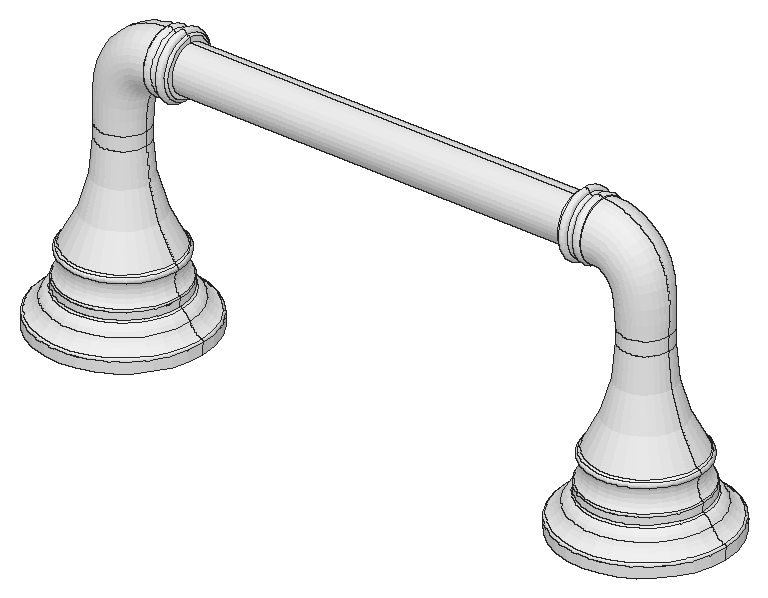
Revit family "Toilet_Paper_Holder-American_Standard-Delancey-7052230_Series", category Specialty Equipment, host Face, Revit 2018
Family settings
  Host = Face
  Round Connector Dimension = Use Diameter
  Part Type = Normal
  OmniClass Number = 23.40.20.21
  OmniClass Title = Toilet and Bath Specialties
  Cut with Voids When Loaded = No
  Shared = Yes
  Room Calculation Point = No
Parameters (values of type "7052230.002")
  Width = 3 7/8"  # constant formula
  Warranty Information = "Limited Lifetime Warranty on Function and Finish"
  URL = "https://www.americanstandard-us.com/"
  Type Comments = ""
  Product Page URL = "https://www.americanstandard-us.com/Toilet-Paper-Holders/Delancey-Toilet-Paper-Holder/CHROME-7052230002"
  Product Documentation Link = "https://americanstandard.box.com/shared/static/el1xdqswn2agqvytpy3vw3q220y2wzb3.pdf"
  Model = "7052230.002"
  Material = "Metal-American Standard-002-Polished Chrome"
  Manufacturer = "American Standard"
  Length = 9 5/16"  # constant formula
  Installation Type = "Wall Mounted"
  Height = 2 3/16"  # constant formula
  Finish = Metal-American Standard-002-Polished Chrome
  Description = "Delancey® Toilet Paper Holder"
  Default Elevation = 44"
  Creation Date = "07/20/2022"  # constant formula
  Assembly Code = "C1030200"
Types (5): name | Product Page URL | Model | Material | Finish
  (no name) | "https://www.americanstandard-us.com/Toilet-Paper-Holders/Delancey-Toilet-Paper-Holder/CHROME-7052230002" | "7052230.002" | "Metal-American Standard-002-Polished Chrome" | Metal-American Standard-002-Polished Chrome
  7052230.002 | "https://www.americanstandard-us.com/Toilet-Paper-Holders/Delancey-Toilet-Paper-Holder/CHROME-7052230002" | "7052230.002" | "Metal-American Standard-002-Polished Chrome" | Metal-American Standard-002-Polished Chrome
  7052230.295 | "https://www.americanstandard-us.com/Toilet-Paper-Holders/Delancey-Toilet-Paper-Holder/BRUSHED-NICKEL-7052230295" | "7052230.295" | "Metal-American Standard-295-Brushed Nickel" | Metal-American Standard-295-Brushed Nickel
  7052230.013 | "https://www.americanstandard-us.com/Toilet-Paper-Holders/Delancey-Toilet-Paper-Holder/POLISHED-NICKEL-7052230013" | "7052230.013" | "Metal-American Standard-013-Polished Nickel" | Metal-American Standard-013-Polished Nickel
  7052230.278 | "https://www.americanstandard-us.com/Toilet-Paper-Holders/Delancey-Toilet-Paper-Holder/LEGACY-BRONZE-7052230278" | "7052230.278" | "Metal-American Standard-278-Legacy Bronze" | Metal-American Standard-278-Legacy Bronze
Reference planes (in)
  plane 1 "Center (Front/Back)": y = 0
  plane 2: z = 0
  plane 3 "Center (Left/Right)": x = 0
  plane 4: z = 3.875
  plane 5: x = 3.5625
  plane 6: x = -3.5625
  plane 7: z = 3.4375
  plane 8: x = 4.65625
  plane 9: x = 2.46875
  plane 10: x = -4.65625
  plane 11: x = -2.46875
  plane 12: x = 2.65589
  plane 13: x = -2.65589
Forms (in)
  Revolve 1, solid, material "Metal-American Standard-002-Polished Chrome" <- "Finish"
    sketch origin (0, 0, 0) x (1, 0, 0) y (0, 0, 1)
      loop
        line (3.5625, 0) -> (4.65625, 0) -> (4.65625, 0.141)
        arc (4.65625, 0.141) -> (4.65026, 0.16138) -> (4.63419, 0.17527) r 0.03766
        arc (4.63419, 0.17527) -> (4.53872, 0.24026) -> (4.47046, 0.33343) r 0.34044
        arc (4.47046, 0.33343) -> (4.42386, 0.40048) -> (4.35995, 0.45132) r 0.2813
        arc (4.35995, 0.45132) -> (4.34825, 0.46308) -> (4.34396, 0.47911) r 0.03214
        line (4.34396, 0.47911) -> (4.34396, 0.57143)
        arc (4.34396, 0.57143) -> (4.34107, 0.58792) -> (4.33273, 0.60243) r 0.04839
        arc (4.33273, 0.60243) -> (4.27215, 0.74865) -> (4.30546, 0.90337) r 0.26568
        arc (4.30546, 0.90337) -> (4.30939, 0.93502) -> (4.28988, 0.96024) r 0.04184
        arc (4.28988, 0.96024) -> (4.27515, 0.9712) -> (4.2634, 0.98531) r 0.07779
        arc (4.2634, 0.98531) -> (3.9786, 1.60291) -> (3.88099, 2.27597) r 2.36922
        line (3.88099, 2.27597) -> (3.88099, 2.45658) -> (3.5625, 2.45658) -> (3.5625, 0)
      axis (3.5625, 2.45658) -> (3.5625, 0)
    angle from 0 to 360
  Revolve 2, solid, material "Metal-American Standard-002-Polished Chrome" <- "Finish"
    sketch origin (0, 0, 0) x (1, 0, 0) y (0, 0, 1)
      loop
        line (2.97521, 3.4375) -> (2.97521, 3.82422)
        arc (2.97521, 3.82422) -> (2.92467, 3.8481) -> (2.87414, 3.82422) r 0.06541
        arc (2.87414, 3.82422) -> (2.8343, 3.8054) -> (2.79447, 3.82422) r 0.05156
        arc (2.79447, 3.82422) -> (2.747, 3.87169) -> (2.69953, 3.82422) r 0.04747
        arc (2.69953, 3.82422) -> (2.67188, 3.82172) -> (2.65589, 3.79903) r 0.03305
        line (2.65589, 3.79903) -> (2.65589, 3.74054) -> (-2.65589, 3.74054) -> (-2.65589, 3.79903)
        arc (-2.65589, 3.79903) -> (-2.67188, 3.82172) -> (-2.69953, 3.82422) r 0.03305
        arc (-2.69953, 3.82422) -> (-2.747, 3.87169) -> (-2.79447, 3.82422) r 0.04747
        arc (-2.79447, 3.82422) -> (-2.8343, 3.8054) -> (-2.87414, 3.82422) r 0.05156
        arc (-2.87414, 3.82422) -> (-2.92467, 3.8481) -> (-2.97521, 3.82422) r 0.06541
        line (-2.97521, 3.82422) -> (-2.97521, 3.4375) -> (2.97521, 3.4375)
      axis (2.97521, 3.4375) -> (-2.97521, 3.4375)
    angle from 0 to 360
  Revolve 3, solid, material "Metal-American Standard-002-Polished Chrome" <- "Finish"
    sketch origin (0, 0, 0) x (-1, 0, 0) y (0, 0, 1)
      loop
        line (3.5625, 0) -> (4.65625, 0) -> (4.65625, 0.141)
        arc (4.65625, 0.141) -> (4.65026, 0.16138) -> (4.63419, 0.17527) r 0.03766
        arc (4.63419, 0.17527) -> (4.53872, 0.24026) -> (4.47046, 0.33343) r 0.34044
        arc (4.47046, 0.33343) -> (4.42386, 0.40048) -> (4.35995, 0.45132) r 0.2813
        arc (4.35995, 0.45132) -> (4.34825, 0.46308) -> (4.34396, 0.47911) r 0.03214
        line (4.34396, 0.47911) -> (4.34396, 0.57143)
        arc (4.34396, 0.57143) -> (4.34107, 0.58792) -> (4.33273, 0.60243) r 0.04839
        arc (4.33273, 0.60243) -> (4.27215, 0.74865) -> (4.30546, 0.90337) r 0.26568
        arc (4.30546, 0.90337) -> (4.30939, 0.93502) -> (4.28988, 0.96024) r 0.04184
        arc (4.28988, 0.96024) -> (4.27515, 0.9712) -> (4.2634, 0.98531) r 0.07779
        arc (4.2634, 0.98531) -> (3.9786, 1.60291) -> (3.88099, 2.27597) r 2.36922
        line (3.88099, 2.27597) -> (3.88099, 2.45658) -> (3.5625, 2.45658) -> (3.5625, 0)
      axis (3.5625, 2.45658) -> (3.5625, 0)
    angle from 0 to 360
  SweptBlend 4, solid, material "Metal-American Standard-002-Polished Chrome" <- "Finish"
    path origin (0, 0, 0) x (1, 0, 0) y (0, 0, 1)
      loop
        spline (3.5625, 2.45658) -> (3.5621, 2.57741) -> (3.5593, 2.69704) -> (3.55171, 2.81369) -> (3.53692, 2.92561) -> (3.51254, 3.03102) -> (3.47616, 3.12816) -> (3.42588, 3.21524) -> (3.36168, 3.2905) -> (3.28404, 3.35213) -> (3.19343, 3.39837) -> (3.09033, 3.42742) -> (2.97521, 3.4375)
    profile origin (3.5625, 0, 2.45658) x (-1, 0, 0) y (0, -1, 0)
      loop
        circle (0, 0) r 0.31849
    end profile origin (2.97521, 0, 3.4375) x (0, 0, -1) y (0, -1, 0)
      loop
        circle (0, 0) r 0.38672
  SweptBlend 5, solid, material "Metal-American Standard-002-Polished Chrome" <- "Finish"
    path origin (0, 0, 0) x (-1, 0, 0) y (0, 0, 1)
      loop
        spline (3.5625, 2.45658) -> (3.5621, 2.57741) -> (3.5593, 2.69704) -> (3.55171, 2.81369) -> (3.53692, 2.92561) -> (3.51254, 3.03102) -> (3.47616, 3.12816) -> (3.42588, 3.21524) -> (3.36168, 3.2905) -> (3.28404, 3.35213) -> (3.19343, 3.39837) -> (3.09033, 3.42742) -> (2.97521, 3.4375)
    profile origin (-3.5625, 0, 2.45658) x (-1, 0, 0) y (0, -1, 0)
      loop
        circle (0, 0) r 0.31849
    end profile origin (-2.97521, 0, 3.4375) x (0, 0, 1) y (0, -1, 0)
      loop
        circle (0, 0) r 0.38672
Cuts and joins
  joined: SweptBlend 4, SweptBlend 5
  joined: Revolve 1, Revolve 2, Revolve 3
Lines and regions (in)
  Masking region 1
    outline origin (0, 0, 0) x (1, 0, 0) y (0, 0, 1)
      loop
        line (4.65644, 0) -> (4.65644, 0.14287)
        arc (4.65644, 0.14287) -> (4.65086, 0.16192) -> (4.63588, 0.17495) r 0.03531
        arc (4.63588, 0.17495) -> (4.52266, 0.25763) -> (4.45119, 0.37823) r 0.3484
        arc (4.45119, 0.37823) -> (4.40954, 0.43398) -> (4.34326, 0.45519) r 0.11416
        line (4.34326, 0.45519) -> (4.34326, 0.59467)
        arc (4.34326, 0.59467) -> (4.27485, 0.72239) -> (4.28935, 0.86654) r 0.24835
        arc (4.28935, 0.86654) -> (4.29626, 0.91279) -> (4.28032, 0.95675) r 0.09525
        arc (4.28032, 0.95675) -> (3.95367, 1.67285) -> (3.88099, 2.45658) r 2.35719
        arc (3.88099, 2.45658) -> (3.87912, 2.82526) -> (3.81831, 3.1889) r 2.2974
        arc (3.81831, 3.1889) -> (3.50029, 3.64396) -> (2.97521, 3.82422) r 0.89575
        arc (2.97521, 3.82422) -> (2.92199, 3.84902) -> (2.8703, 3.82117) r 0.06545
        arc (2.8703, 3.82117) -> (2.82705, 3.80352) -> (2.79308, 3.83559) r 0.04314
        arc (2.79308, 3.83559) -> (2.74127, 3.87134) -> (2.69953, 3.82422) r 0.04747
        arc (2.69953, 3.82422) -> (2.67212, 3.8213) -> (2.65589, 3.79903) r 0.03398
        line (2.65589, 3.79903) -> (2.65589, 3.74054) -> (-2.65589, 3.74054) -> (-2.65589, 3.79903)
        arc (-2.65589, 3.79903) -> (-2.67212, 3.8213) -> (-2.69953, 3.82422) r 0.03398
        arc (-2.69953, 3.82422) -> (-2.74127, 3.87134) -> (-2.79308, 3.83559) r 0.04747
        arc (-2.79308, 3.83559) -> (-2.82705, 3.80352) -> (-2.8703, 3.82117) r 0.04314
        arc (-2.8703, 3.82117) -> (-2.92199, 3.84902) -> (-2.97521, 3.82422) r 0.06545
        arc (-2.97521, 3.82422) -> (-3.50029, 3.64396) -> (-3.81831, 3.1889) r 0.89575
        arc (-3.81831, 3.1889) -> (-3.87912, 2.82526) -> (-3.88099, 2.45658) r 2.2974
        arc (-3.88099, 2.45658) -> (-3.95367, 1.67285) -> (-4.28032, 0.95675) r 2.35719
        arc (-4.28032, 0.95675) -> (-4.29626, 0.91279) -> (-4.28935, 0.86654) r 0.09525
        arc (-4.28935, 0.86654) -> (-4.27485, 0.72239) -> (-4.34326, 0.59467) r 0.24835
        line (-4.34326, 0.59467) -> (-4.34326, 0.45519)
        arc (-4.34326, 0.45519) -> (-4.40952, 0.434) -> (-4.45117, 0.37827) r 0.11416
        arc (-4.45117, 0.37827) -> (-4.52265, 0.25764) -> (-4.63588, 0.17495) r 0.3484
        arc (-4.63588, 0.17495) -> (-4.65086, 0.16192) -> (-4.65644, 0.14287) r 0.03531
        line (-4.65644, 0.14287) -> (-4.65644, 0) -> (-2.46875, 0) -> (-2.46875, 0.14287)
        arc (-2.46875, 0.14287) -> (-2.47433, 0.16192) -> (-2.48931, 0.17495) r 0.03531
        arc (-2.48931, 0.17495) -> (-2.60255, 0.25764) -> (-2.67402, 0.37827) r 0.3484
        arc (-2.67402, 0.37827) -> (-2.71567, 0.434) -> (-2.78193, 0.45519) r 0.11416
        line (-2.78193, 0.45519) -> (-2.78193, 0.59467)
        arc (-2.78193, 0.59467) -> (-2.85034, 0.72239) -> (-2.83584, 0.86654) r 0.24835
        arc (-2.83584, 0.86654) -> (-2.82894, 0.91279) -> (-2.84487, 0.95675) r 0.09525
        arc (-2.84487, 0.95675) -> (-3.23063, 1.97106) -> (-3.12109, 3.0507) r 2.35719
        line (-3.12109, 3.0507) -> (-2.97515, 3.0507)
        arc (-2.97515, 3.0507) -> (-2.92194, 3.02598) -> (-2.8703, 3.05383) r 0.06545
        arc (-2.8703, 3.05383) -> (-2.82705, 3.07148) -> (-2.79308, 3.03941) r 0.04314
        arc (-2.79308, 3.03941) -> (-2.74127, 3.00366) -> (-2.69953, 3.05078) r 0.04747
        arc (-2.69953, 3.05078) -> (-2.67212, 3.0537) -> (-2.65589, 3.07597) r 0.03398
        line (-2.65589, 3.07597) -> (-2.65589, 3.13446) -> (2.65589, 3.13446) -> (2.65589, 3.07597)
        arc (2.65589, 3.07597) -> (2.67212, 3.0537) -> (2.69953, 3.05078) r 0.03398
        arc (2.69953, 3.05078) -> (2.74127, 3.00366) -> (2.79308, 3.03941) r 0.04747
        arc (2.79308, 3.03941) -> (2.82705, 3.07148) -> (2.8703, 3.05383) r 0.04314
        arc (2.8703, 3.05383) -> (2.92194, 3.02598) -> (2.97515, 3.0507) r 0.06545
        line (2.97515, 3.0507) -> (3.12109, 3.0507)
        arc (3.12109, 3.0507) -> (3.23063, 1.97106) -> (2.84487, 0.95675) r 2.35719
        arc (2.84487, 0.95675) -> (2.82894, 0.91279) -> (2.83584, 0.86654) r 0.09525
        arc (2.83584, 0.86654) -> (2.85034, 0.72239) -> (2.78193, 0.59467) r 0.24835
        line (2.78193, 0.59467) -> (2.78193, 0.45519)
        arc (2.78193, 0.45519) -> (2.71567, 0.434) -> (2.67402, 0.37827) r 0.11416
        arc (2.67402, 0.37827) -> (2.60255, 0.25764) -> (2.48931, 0.17495) r 0.3484
        arc (2.48931, 0.17495) -> (2.47433, 0.16192) -> (2.46875, 0.14287) r 0.03531
        line (2.46875, 0.14287) -> (2.46875, 0) -> (4.65644, 0)
  symbolic lines, detail levels medium+fine
    curve 1: line (2.65589, 0, 3.79903) -> (2.65589, 0, 3.07597)
    curve 2: line (2.69953, 0, 3.05078) -> (2.69953, 0, 3.82422)
    curve 3: line (2.79447, 0, 3.05078) -> (2.79447, 0, 3.82422)
    curve 4: line (2.97521, 0, 3.82422) -> (2.97521, 0, 3.05078)
    curve 5: line (4.34326, 0, 0.59467) -> (2.78193, 0, 0.59467)
    curve 6: line (4.45119, 0, 0.37823) -> (2.674, 0, 0.37823)
    curve 7: line (4.63588, 0, 0.17495) -> (2.48931, 0, 0.17495)
    curve 8: line (4.28032, 0, 0.95675) -> (2.84487, 0, 0.95675)
    curve 9: line (-4.34326, 0, 0.59467) -> (-2.78193, 0, 0.59467)
    curve 10: line (-4.45119, 0, 0.37823) -> (-2.674, 0, 0.37823)
    curve 11: line (-4.63588, 0, 0.17495) -> (-2.48931, 0, 0.17495)
    curve 12: line (-4.28032, 0, 0.95675) -> (-2.84487, 0, 0.95675)
    curve 13: line (-2.65589, 0, 3.79903) -> (-2.65589, 0, 3.07597)
    curve 14: line (-2.69953, 0, 3.05078) -> (-2.69953, 0, 3.82422)
    curve 15: line (-2.79447, 0, 3.05078) -> (-2.79447, 0, 3.82422)
    curve 16: line (-2.97521, 0, 3.82422) -> (-2.97521, 0, 3.05078)
Dimensions and locks (in)
  locked: plane 7 to plane 4 at 0.4375
  equal spacing: plane 8, plane 5, plane 9
  equal spacing: plane 10, plane 6, plane 11
  locked: Revolve 1 sketch curve to plane 8 at 0.31229
  locked: Revolve 2 sketch curve to plane 12 at 0.31931
  locked: Revolve 2 sketch curve to plane 13 at 0.31931
  locked: plane 7 to Revolve 2 sketch curve at 0.30304
  locked: plane 5 to Revolve 1 sketch curve at 0.31849
  locked: Revolve 3 sketch curve to plane 10 at 0.31229
  locked: plane 6 to Revolve 3 sketch curve at 0.31849
  "Width": host face to plane 4
  plane 6 to plane 5 = 7 1/8"
  host face to plane 7 = 3 7/16"
  "Height": plane 9 to plane 8
  plane 10 to plane 11 = 2 3/16"
  "Length": plane 10 to plane 8
  aligned and locked: plane 2 to host face
  aligned and locked: level to host face
  aligned and locked: plane 5 to Revolve 1 sketch curve
  aligned and locked: Revolve 1 sketch curve to plane 5
  aligned and locked: plane 8 to Revolve 1 sketch curve
  aligned and locked: plane 7 to Revolve 2 sketch curve  (x2)
  aligned and locked: plane 12 to Revolve 2 sketch curve
  aligned and locked: Revolve 2 sketch curve to plane 13
  aligned and locked: plane 6 to Revolve 3 sketch curve  (x2)
  aligned and locked: Revolve 3 sketch curve to plane 10
  aligned and locked: SweptBlend 5 sketch curve to Revolve 2
  aligned and locked: SweptBlend 5 sketch curve to Revolve 3
  aligned and locked: cut or joined group of Revolve 1, Revolve 2, Revolve 3 to cut or joined group of Revolve 1, Revolve 2, Revolve 3  (x4)
  aligned and locked: cut or joined group of SweptBlend 4, SweptBlend 5 to cut or joined group of Revolve 1, Revolve 2, Revolve 3
  aligned and locked: cut or joined group of Revolve 1, Revolve 2, Revolve 3 to cut or joined group of SweptBlend 4, SweptBlend 5
Automatic sketch dimensions
  host sketch curve to host sketch curve = 96"  (x2)
  Revolve 1 sketch curve to level = 0"
  Revolve 1 sketch curve to Revolve 1 sketch curve = 0.12534"
  Revolve 1 sketch curve to Revolve 1 sketch curve = 0.07492"
  Revolve 1 sketch curve to Revolve 1 sketch curve = 0.04839"
  Revolve 1 sketch curve to Revolve 1 sketch curve = 0.05959"
  Revolve 1 sketch curve to Revolve 1 sketch curve = 0.03214"
  plane 8 to Revolve 1 sketch curve = 0.11951"
  plane 8 to Revolve 1 sketch curve = 0.03766"
  Revolve 1 sketch curve to plane 8 = 0.119"
  Revolve 1 sketch curve to plane 8 = 1.59396"
  level to Revolve 1 sketch curve = 0.141"
  level to Revolve 1 sketch curve = 0.2081"
  Revolve 1 sketch curve to Revolve 1 sketch curve = 0.27101"
  Revolve 1 sketch curve to Revolve 1 sketch curve = 0.34412"
  Revolve 1 sketch curve to Revolve 1 sketch curve = 0.09233"
  Revolve 1 sketch curve to Revolve 1 sketch curve = 0.20119"
  Revolve 1 sketch curve to Revolve 1 sketch curve = 0.15134"
  Revolve 1 sketch curve to Revolve 1 sketch curve = 0.10373"
  Revolve 1 sketch curve to plane 7 = 1.16153"
  Revolve 1 sketch curve to Revolve 1 sketch curve = 0.18061"
  Revolve 1 sketch curve to Revolve 1 sketch curve = 0"  (x5)
  Revolve 1 sketch curve to Revolve 1 sketch curve = 0.12776"
  Revolve 1 sketch curve to Revolve 1 sketch curve = 0.07351"
  Revolve 3 sketch curve to level = 0"
  Revolve 3 sketch curve to Revolve 3 sketch curve = 0.12534"
  Revolve 3 sketch curve to Revolve 3 sketch curve = 0.07492"
  Revolve 3 sketch curve to Revolve 3 sketch curve = 0.04839"
  Revolve 3 sketch curve to Revolve 3 sketch curve = 0.05959"
  Revolve 3 sketch curve to Revolve 3 sketch curve = 0.03214"
  Revolve 3 sketch curve to plane 10 = 0.11951"
  Revolve 3 sketch curve to plane 10 = 0.03766"
  plane 10 to Revolve 3 sketch curve = 0.119"
  plane 10 to Revolve 3 sketch curve = 1.59396"
  Revolve 3 sketch curve to level = 0.141"
  Revolve 3 sketch curve to level = 0.2081"
  Revolve 3 sketch curve to Revolve 3 sketch curve = 0.27101"
  Revolve 3 sketch curve to Revolve 3 sketch curve = 0.34412"
  Revolve 3 sketch curve to Revolve 3 sketch curve = 0.09233"
  Revolve 3 sketch curve to Revolve 3 sketch curve = 0.20119"
  Revolve 3 sketch curve to Revolve 3 sketch curve = 0.15134"
  Revolve 3 sketch curve to Revolve 3 sketch curve = 0.10373"
  plane 7 to Revolve 3 sketch curve = 1.16153"
  Revolve 3 sketch curve to Revolve 3 sketch curve = 0.18061"
  Revolve 3 sketch curve to Revolve 3 sketch curve = 0"  (x5)
  Revolve 3 sketch curve to Revolve 3 sketch curve = 0.12776"
  Revolve 3 sketch curve to Revolve 3 sketch curve = 0.07351"
  plane 13 to curve 13 = 0"
  curve 1 to plane 12 = 0"
  plane 10 to curve 11 = 0.02037"
  level to curve 11 = 0.17495"
  plane 13 to curve 10 = 0.01811"
  plane 13 to curve 14 = 0.04364"
  plane 13 to curve 9 = 0.12604"
  curve 15 to curve 14 = 0.09493"
  plane 13 to curve 12 = 0.18897"
  curve 16 to curve 15 = 0.18074"
  plane 10 to curve 12 = 0.37593"
  plane 10 to curve 9 = 0.31299"
  plane 10 to curve 10 = 0.20506"
  plane 11 to curve 11 = 0.02056"
  plane 9 to curve 7 = 0.02056"
  plane 12 to curve 6 = 0.01811"
  plane 12 to curve 2 = 0.04364"
  plane 12 to curve 5 = 0.12604"
  curve 2 to curve 3 = 0.09493"
  plane 12 to curve 8 = 0.18897"
  curve 3 to curve 4 = 0.18074"
  plane 8 to curve 8 = 0.37593"
  plane 8 to curve 5 = 0.31299"
  plane 8 to curve 6 = 0.20506"
  plane 8 to curve 7 = 0.02037"
  level to curve 7 = 0.17495"
  curve 11 to curve 10 = 0.20328"
  curve 7 to curve 6 = 0.20328"
  curve 6 to curve 5 = 0.21644"
  curve 10 to curve 9 = 0.21644"
  curve 9 to curve 12 = 0.36207"
  curve 5 to curve 8 = 0.36207"
  curve 3 to plane 7 = 99/256"
  curve 14 to plane 7 = 99/256"
  curve 2 to curve 3 = 0"
  curve 15 to curve 14 = 0"
  curve 4 to curve 3 = 0"
  curve 16 to curve 15 = 0"
  curve 2 to curve 1 = 0.0252"
  curve 14 to curve 13 = 0.0252"
  curve 13 to plane 4 = 0.07597"
  curve 1 to plane 4 = 0.07597"
  curve 13 to curve 14 = 0.0252"
  curve 1 to curve 2 = 0.0252"
  curve 3 to plane 4 = 13/256"
  curve 15 to plane 4 = 13/256"
  curve 16 to plane 4 = 13/256"
  curve 4 to plane 4 = 13/256"
  Revolve 2 sketch curve to Revolve 2 sketch curve = 0.05053"  (x2)
  Revolve 2 sketch curve to plane 4 = 0.01804"  (x2)
  Revolve 2 sketch curve to Revolve 2 sketch curve = 0.09037"
  plane 13 to Revolve 2 sketch curve = 0.09111"
  plane 13 to Revolve 2 sketch curve = 0.03251"
  plane 12 to Revolve 2 sketch curve = 0.03251"
  Revolve 2 sketch curve to Revolve 2 sketch curve = 15/256"
  Revolve 2 sketch curve to Revolve 2 sketch curve = 0.0873"
  Revolve 2 sketch curve to plane 4 = 0.09231"  (x2)
  Revolve 2 sketch curve to Revolve 2 sketch curve = 0.05256"  (x2)
  Revolve 2 sketch curve to Revolve 2 sketch curve = 0.00592"  (x2)
  Revolve 2 sketch curve to plane 4 = 13/256"  (x4)
  Revolve 2 sketch curve to Revolve 2 sketch curve = 0.12554"
  Revolve 2 sketch curve to Revolve 2 sketch curve = 0.14819"
  SweptBlend 4 sketch curve to plane 7 = 0"
  plane 5 to SweptBlend 4 sketch curve = 0"
  plane 12 to SweptBlend 4 sketch curve = 0.31931"
  SweptBlend 4 sketch curve to plane 7 = 0.98092"
  plane 1 "Center (Front/Back)" to SweptBlend 4 sketch curve = 0"
  SweptBlend 4 sketch curve to profile plane = 0"  (x2)
  SweptBlend 4 sketch curve to plane 1 "Center (Front/Back)" = 0"
  SweptBlend 5 sketch curve to plane 7 = 0"
  SweptBlend 5 sketch curve to plane 6 = 0"
  SweptBlend 5 sketch curve to plane 13 = 0.31931"
  plane 7 to SweptBlend 5 sketch curve = 0.98092"
  Masking region 1 sketch curve to level = 0"  (x2)
  plane 13 to Masking region 1 sketch curve = 0"  (x2)
  plane 11 to Masking region 1 sketch curve = 0"
  Masking region 1 sketch curve to plane 9 = 0"
  Masking region 1 sketch curve to plane 12 = 0"  (x2)
  plane 13 to Masking region 1 sketch curve = 0.03322"  (x2)
  Masking region 1 sketch curve to Masking region 1 sketch curve = 0.05788"  (x4)
  plane 13 to Masking region 1 sketch curve = 0.12604"
  Masking region 1 sketch curve to plane 4 = 0.02907"  (x2)
  Masking region 1 sketch curve to Masking region 1 sketch curve = 0.08797"  (x4)
  plane 13 to Masking region 1 sketch curve = 0.26782"
  Masking region 1 sketch curve to Masking region 1 sketch curve = 0.08892"  (x4)
  Masking region 1 sketch curve to Masking region 1 sketch curve = 0.12624"  (x2)
  Masking region 1 sketch curve to Masking region 1 sketch curve = 0.05126"  (x2)
  Masking region 1 sketch curve to Masking region 1 sketch curve = 0.14594"  (x2)
  plane 10 to Masking region 1 sketch curve = 0.45477"
  plane 10 to Masking region 1 sketch curve = 0.31299"
  plane 10 to Masking region 1 sketch curve = 0.13779"
  plane 10 to Masking region 1 sketch curve = 0.03512"
  Masking region 1 sketch curve to plane 10 = 0.00019"
  Masking region 1 sketch curve to plane 10 = 0.12427"
  Masking region 1 sketch curve to plane 10 = 1.57526"
  Masking region 1 sketch curve to plane 13 = 0.04916"
  plane 11 to Masking region 1 sketch curve = 0.03531"
  Masking region 1 sketch curve to plane 11 = 0.12408"
  Masking region 1 sketch curve to plane 11 = 0.87865"
  Masking region 1 sketch curve to Masking region 1 sketch curve = 0.69641"  (x2)
  plane 3 "Center (Left/Right)" to Masking region 1 sketch curve = 0.89369"
  Masking region 1 sketch curve to plane 9 = 0.12408"
  plane 9 to Masking region 1 sketch curve = 0.03531"
  Masking region 1 sketch curve to plane 12 = 0.04916"
  plane 12 to Masking region 1 sketch curve = 0.03322"  (x2)
  plane 12 to Masking region 1 sketch curve = 0.12604"
  plane 12 to Masking region 1 sketch curve = 0.26782"
  plane 8 to Masking region 1 sketch curve = 0.45477"
  plane 8 to Masking region 1 sketch curve = 0.31299"
  plane 8 to Masking region 1 sketch curve = 0.13779"
  plane 8 to Masking region 1 sketch curve = 0.03512"
  Masking region 1 sketch curve to plane 8 = 0.00019"
  Masking region 1 sketch curve to plane 8 = 0.12427"
  Masking region 1 sketch curve to plane 8 = 1.57526"
  level to Masking region 1 sketch curve = 0.14287"  (x3)
  Masking region 1 sketch curve to Masking region 1 sketch curve = 0.14287"
  level to Masking region 1 sketch curve = 0.34103"  (x4)
  Masking region 1 sketch curve to Masking region 1 sketch curve = 0.11416"  (x4)
  Masking region 1 sketch curve to Masking region 1 sketch curve = 0.34904"  (x4)
  Masking region 1 sketch curve to Masking region 1 sketch curve = 0.13948"  (x4)
  Masking region 1 sketch curve to Masking region 1 sketch curve = 0.17602"  (x4)
  Masking region 1 sketch curve to Masking region 1 sketch curve = 0.30863"  (x4)
  Masking region 1 sketch curve to plane 7 = 1.15817"  (x4)
  Masking region 1 sketch curve to Masking region 1 sketch curve = 0.34999"  (x2)
  Masking region 1 sketch curve to plane 7 = 0.50892"  (x2)
  Masking region 1 sketch curve to Masking region 1 sketch curve = 0.10049"  (x2)
  Masking region 1 sketch curve to Masking region 1 sketch curve = 0.12213"  (x2)
  Masking region 1 sketch curve to Masking region 1 sketch curve = 0.02171"  (x2)
  Masking region 1 sketch curve to Masking region 1 sketch curve = 0.0252"  (x2)
  Masking region 1 sketch curve to Masking region 1 sketch curve = 0.00715"  (x3)
  Masking region 1 sketch curve to Masking region 1 sketch curve = 0.03235"
  Masking region 1 sketch curve to Masking region 1 sketch curve = 0.04069"  (x2)
  Masking region 1 sketch curve to Masking region 1 sketch curve = 0.05848"
  Masking region 1 sketch curve to plane 4 = 0.13446"
  Masking region 1 sketch curve to plane 4 = 0.09139"  (x2)
  Masking region 1 sketch curve to Masking region 1 sketch curve = 0.05133"  (x2)
  Masking region 1 sketch curve to plane 4 = 13/256"  (x4)
  plane 13 to Masking region 1 sketch curve = 0.01812"
  Masking region 1 sketch curve to Masking region 1 sketch curve = 0"  (x12)
  Masking region 1 sketch curve to plane 7 = 0.2486"  (x2)
  Masking region 1 sketch curve to Masking region 1 sketch curve = 0.10792"
  plane 12 to Masking region 1 sketch curve = 0.01812"
  Masking region 1 sketch curve to Masking region 1 sketch curve = 0.10793"
  radius of SweptBlend 4 sketch curve = 0.31849"
  radius of SweptBlend 4 sketch curve = 99/256"
